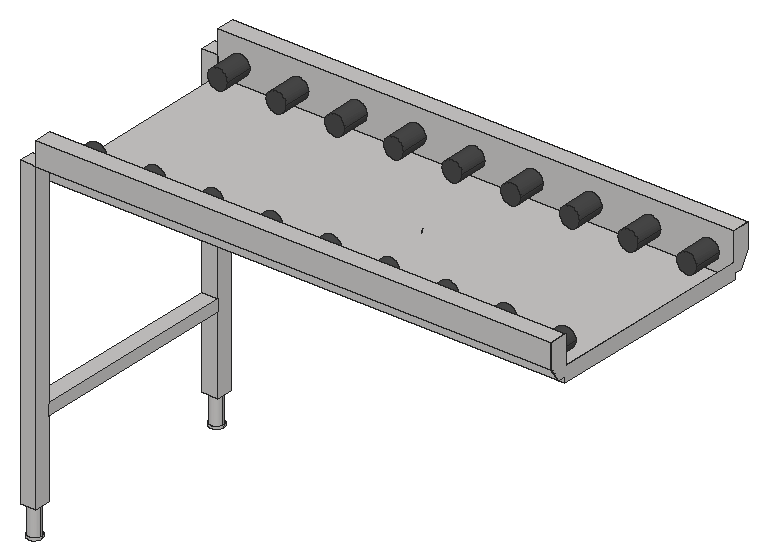
Revit family "QF_ELECTROLUXPROFESSIONAL_863001_HSSRC13", category Specialty Equipment, Revit 2018
Family settings
  Round Connector Dimension = Use Diameter
  Part Type = Normal
  Work Plane-Based = No
  Always vertical = Yes
  Cut with Voids When Loaded = No
  Shared = No
  Room Calculation Point = No
Parameters
  Weight = 0.00 kg
  Watts = 0 W
  Volts = 0 V
  URL Manufacturer = "http://professional.electrolux.com/"
  URL = "http://professional.electrolux.com/"
  Steam Supply Size = 0 mm
  Steam Supply Minimum Pressure = 0.0 Pa
  Steam Supply Maximum Pressure = 0.0 Pa
  Steam Pounds per Hour = 0
  Refrigeration Suction Line Size = 0 mm
  Refrigeration Liquid Line Size = 0 mm
  Refrigerant Compressor Remote = yes
  Manufacturer = "Electrolux"
  Phase = 0
  Model = "HSSRC13"
  Length Actual = 1300 mm  # constant formula
  Item Number = "863001"
  Hot Water Size = 0 mm
  Height Actual = 910 mm  # constant formula
  HP = "0 HP"
  Gas Size = 0 mm
  Gas KW = 0
  Gas Input Pressure = 0 W
  Description = "CONVEYOR, SHORT ROLLERS, L=1300 MM"
  Depth Actual = 620 mm  # constant formula
  Cycle = 0 Hz
  Condensate Return Size = 0 mm
  Compressed Air Volume = 0.0 L/s
  Compressed Air Size = 0 mm
  Compressed Air Pressure = 0.0 Pa
  Cold Water Size = 0 mm
  Accessory = yes
Reference planes
  plane 1 "Centro (Fronte/Retro)": y = 74.737
  plane 2: z = 0
  plane 3 "LEFT": x = -1038.761
  plane 4 "BACK": y = 384.737
  plane 5 "FRONT": y = -235.263
  plane 6: z = 910
  plane 7 "RIGHT": x = 261.239
  plane 8: x = -358.761
Forms (mm)
  Extrusion 1, solid, material "QF_Finishes_Stainless Steel"
    sketch origin (0, 74.737, 0) x (1, 0, 0) y (0, 0, 1)
      loop
        line (-1079.929, 300) -> (-1079.929, 270) -> (-1039.929, 270) -> (-1039.929, 300) -> (-1079.929, 300)
    from -266.504 to 266.46
  Extrusion 2, solid, material "QF_Finishes_Stainless Steel"
    sketch origin (11.239, 0, 0) x (0, 1, 0) y (0, 0, 1)
      loop
        line (-235.263, 910) -> (-235.263, 850.033) -> (-190.242, 850.033) -> (-190.242, 910) -> (-235.263, 910)
      loop
        line (384.737, 910) -> (339.716, 910) -> (339.716, 850.033) -> (384.737, 850.033) -> (384.737, 910)
    from -1050 to 248.8
  Extrusion 3, solid, material "QF_Finishes_Stainless Steel"
    sketch origin (11.239, 0, 0) x (0, 1, 0) y (0, 0, 1)
      loop
        line (-191.727, 850.033) -> (-191.727, 800.081) -> (341.245, 800.081) -> (341.245, 850.033) -> (339.716, 850.033) -> (339.716, 803.081) -> (-190.242, 803.081) -> (-190.242, 850.033) -> (-191.727, 850.033)
    from -1050 to 248.8
  Extrusion 4, solid, material "QF_Finishes_Black"
    sketch origin (0, 74.737, 0) x (1, 0, 0) y (0, 0, 1)
      loop
        circle (-980.637, 850.115) r 25
      loop
        circle (-832.818, 850.115) r 25
      loop
        circle (-684.999, 850.115) r 25
      loop
        circle (-537.18, 850.115) r 25
      loop
        circle (-389.361, 850.115) r 25
      loop
        circle (-241.542, 850.115) r 25
      loop
        circle (-93.723, 850.115) r 25
      loop
        circle (201.915, 850.115) r 25
      loop
        circle (54.096, 850.115) r 25
    from 190.58 to 260.534
  Extrusion 5, solid, material "QF_Finishes_Stainless Steel"
    sketch origin (1761.239, 723.253, 4000) x (0, 1, 0) y (0, 0, 1)
      loop
        line (-958.516, -3090) -> (-958.516, -3149.967) -> (-934.752, -3185.632) -> (-915.4, -3185.632) -> (-915.4, -3199.919) -> (-381.633, -3199.919) -> (-381.633, -3185.632) -> (-362.281, -3185.632) -> (-338.516, -3149.967) -> (-338.516, -3090) -> (-383.538, -3090) -> (-383.538, -3161.926) -> (-913.495, -3161.926) -> (-913.495, -3090) -> (-958.516, -3090)
    from -1500 to -1501.2
  Revolve 6, solid, material "QF_Finishes_Stainless Steel"
    sketch origin (-391.185, 0, 0) x (0, 1, 0) y (0, 0, 1)
      loop
        line (74.737, 800.081) -> (12.53, 800.081) -> (12.319, 797.4) -> (12.319, 785.476) -> (17.293, 785.476) -> (17.293, 781.772)
        arc (17.293, 781.772) -> (20.266, 773.808) -> (27.77, 769.813) r 11.998
        line (27.77, 769.813) -> (74.737, 764.085) -> (74.737, 800.081)
      axis (74.737, 764.085) -> (74.737, 800.081)
    angle from 0 to 360
  Revolve 7, solid, material "QF_Finishes_Stainless Steel"
    sketch origin (-361.185, -1524, 744.096) x (0, 0, 1) y (0, -1, 0)
      loop
        line (13.017, -1619.713) -> (30, -1619.713) -> (30, -1598.737) -> (0, -1598.737) -> (0, -1619.713) -> (2.434, -1622.253) -> (10.477, -1622.253) -> (13.017, -1619.713)
      axis (0, -1598.737) -> (30, -1598.737)
    angle from 0 to 360
  Extrusion 8, solid, material "QF_Finishes_Black"
    sketch origin (0, 74.737, 0) x (1, 0, 0) y (0, 0, -1)
      loop
        circle (-980.637, -850.115) r 25
      loop
        circle (-832.818, -850.115) r 25
      loop
        circle (-684.999, -850.115) r 25
      loop
        circle (-537.18, -850.115) r 25
      loop
        circle (-389.361, -850.115) r 25
      loop
        circle (-241.542, -850.115) r 25
      loop
        circle (-93.723, -850.115) r 25
      loop
        circle (201.915, -850.115) r 25
      loop
        circle (54.096, -850.115) r 25
    from 190.58 to 260.534
Cuts and joins
  joined: Extrusion 2, Extrusion 3
Lines and regions (mm)
  Split face 1
    outline origin (1355.739, 339.716, 803.081) x (-1, 0, 0) y (0, -1, 0)
      loop
        circle (1747, 264.904) r 3.016
  Split face 2
    outline origin (1355.739, 339.716, 803.081) x (-1, 0, 0) y (0, -1, 0)
      loop
        circle (1747, 264.904) r 52.991
  Split face 3
    outline origin (1355.739, 339.716, 803.081) x (-1, 0, 0) y (0, -1, 0)
      loop
        circle (1747, 264.904) r 36.015
  Split face 4
    outline origin (1355.739, 339.716, 803.081) x (-1, 0, 0) y (0, -1, 0)
      loop
        circle (1747, 264.904) r 26.027
  Split face 5
    outline origin (1355.739, 339.716, 803.081) x (-1, 0, 0) y (0, -1, 0)
      loop
        circle (1747, 264.904) r 9.056
  Masking region 1
    outline origin (0, 0, 0) x (1, 0, 0) y (0, 1, 0)
      loop
        line (-1038.761, 384.737) -> (-1038.761, -235.263) -> (261.239, -235.263) -> (261.239, 384.737) -> (-1038.761, 384.737)
  symbolic lines
    curve 1: line (261.239, 384.737, 0) -> (-1038.761, 384.737, 0)
    curve 2: line (-1038.761, 384.737, 0) -> (-1038.761, -235.263, 0)
    curve 3: line (-1038.761, 339.716, 0) -> (261.239, 339.716, 0)
    curve 4: line (-1038.761, -235.263, 0) -> (261.239, -235.263, 0)
    curve 5: line (261.239, -235.263, 0) -> (261.239, 384.737, 0)
    curve 6: line (261.239, -190.242, 0) -> (-1038.761, -190.242, 0)
    curve 7: line (-955.637, -115.842, 0) -> (-1005.637, -115.842, 0)
    curve 8: line (-1005.637, -115.842, 0) -> (-1005.637, -185.797, 0)
    curve 9: line (-1005.637, -185.797, 0) -> (-955.637, -185.797, 0)
    curve 10: line (-955.637, -185.797, 0) -> (-955.637, -115.842, 0)
    curve 11: line (261.239, 74.737, 0) -> (231.239, 74.737, 0)
    curve 12: line (-1038.761, 74.737, 0) -> (-1008.761, 74.737, 0)
    curve 13: line (226.915, -115.842, 0) -> (176.915, -115.842, 0)
    curve 14: line (176.915, -115.842, 0) -> (176.915, -185.797, 0)
    curve 15: line (176.915, -185.797, 0) -> (226.915, -185.797, 0)
    curve 16: line (226.915, -185.797, 0) -> (226.915, -115.842, 0)
    curve 17: arc (-391.185, 12.319, 0) -> (-453.604, 74.737, 0) -> (-391.185, 137.156, 0) r 62.418
    curve 18: arc (-391.185, 137.156, 0) -> (-328.767, 74.737, 0) -> (-391.185, 12.319, 0) r 62.418
    curve 19: arc (-361.185, 95.713, 0) -> (-382.162, 74.737, 0) -> (-361.185, 53.761, 0) r 20.976
    curve 20: arc (-361.185, 53.761, 0) -> (-340.209, 74.737, 0) -> (-361.185, 95.713, 0) r 20.976
    curve 21: line (-857.818, -115.842, 0) -> (-807.818, -115.842, 0)
    curve 22: line (-807.818, -115.842, 0) -> (-807.818, -185.797, 0)
    curve 23: line (-807.818, -185.797, 0) -> (-857.818, -185.797, 0)
    curve 24: line (-857.818, -185.797, 0) -> (-857.818, -115.842, 0)
    curve 25: line (-659.999, -115.842, 0) -> (-709.999, -115.842, 0)
    curve 26: line (-709.999, -115.842, 0) -> (-709.999, -185.797, 0)
    curve 27: line (-709.999, -185.797, 0) -> (-659.999, -185.797, 0)
    curve 28: line (-659.999, -185.797, 0) -> (-659.999, -115.842, 0)
    curve 29: line (-512.18, -115.842, 0) -> (-562.18, -115.842, 0)
    curve 30: line (-562.18, -115.842, 0) -> (-562.18, -185.797, 0)
    curve 31: line (-562.18, -185.797, 0) -> (-512.18, -185.797, 0)
    curve 32: line (-512.18, -185.797, 0) -> (-512.18, -115.842, 0)
    curve 33: line (-364.361, -115.842, 0) -> (-414.361, -115.842, 0)
    curve 34: line (-414.361, -115.842, 0) -> (-414.361, -185.797, 0)
    curve 35: line (-414.361, -185.797, 0) -> (-364.361, -185.797, 0)
    curve 36: line (-364.361, -185.797, 0) -> (-364.361, -115.842, 0)
    curve 37: line (-216.542, -115.842, 0) -> (-266.542, -115.842, 0)
    curve 38: line (-266.542, -115.842, 0) -> (-266.542, -185.797, 0)
    curve 39: line (-266.542, -185.797, 0) -> (-216.542, -185.797, 0)
    curve 40: line (-216.542, -185.797, 0) -> (-216.542, -115.842, 0)
    curve 41: line (-68.723, -115.842, 0) -> (-118.723, -115.842, 0)
    curve 42: line (-118.723, -115.842, 0) -> (-118.723, -185.797, 0)
    curve 43: line (-118.723, -185.797, 0) -> (-68.723, -185.797, 0)
    curve 44: line (-68.723, -185.797, 0) -> (-68.723, -115.842, 0)
    curve 45: line (79.096, -115.842, 0) -> (29.096, -115.842, 0)
    curve 46: line (29.096, -115.842, 0) -> (29.096, -185.797, 0)
    curve 47: line (29.096, -185.797, 0) -> (79.096, -185.797, 0)
    curve 48: line (79.096, -185.797, 0) -> (79.096, -115.842, 0)
    curve 49: line (-955.637, 265.317, 0) -> (-1005.637, 265.317, 0)
    curve 50: line (-1005.637, 265.317, 0) -> (-1005.637, 335.271, 0)
    curve 51: line (-1005.637, 335.271, 0) -> (-955.637, 335.271, 0)
    curve 52: line (-955.637, 335.271, 0) -> (-955.637, 265.317, 0)
    curve 53: line (226.915, 265.317, 0) -> (176.915, 265.317, 0)
    curve 54: line (176.915, 265.317, 0) -> (176.915, 335.271, 0)
    curve 55: line (176.915, 335.271, 0) -> (226.915, 335.271, 0)
    curve 56: line (226.915, 335.271, 0) -> (226.915, 265.317, 0)
    curve 57: line (-857.818, 265.317, 0) -> (-807.818, 265.317, 0)
    curve 58: line (-807.818, 265.317, 0) -> (-807.818, 335.271, 0)
    curve 59: line (-807.818, 335.271, 0) -> (-857.818, 335.271, 0)
    curve 60: line (-857.818, 335.271, 0) -> (-857.818, 265.317, 0)
    curve 61: line (-659.999, 265.317, 0) -> (-709.999, 265.317, 0)
    curve 62: line (-709.999, 265.317, 0) -> (-709.999, 335.271, 0)
    curve 63: line (-709.999, 335.271, 0) -> (-659.999, 335.271, 0)
    curve 64: line (-659.999, 335.271, 0) -> (-659.999, 265.317, 0)
    curve 65: line (-512.18, 265.317, 0) -> (-562.18, 265.317, 0)
    curve 66: line (-562.18, 265.317, 0) -> (-562.18, 335.271, 0)
    curve 67: line (-562.18, 335.271, 0) -> (-512.18, 335.271, 0)
    curve 68: line (-512.18, 335.271, 0) -> (-512.18, 265.317, 0)
    curve 69: line (-364.361, 265.317, 0) -> (-414.361, 265.317, 0)
    curve 70: line (-414.361, 265.317, 0) -> (-414.361, 335.271, 0)
    curve 71: line (-414.361, 335.271, 0) -> (-364.361, 335.271, 0)
    curve 72: line (-364.361, 335.271, 0) -> (-364.361, 265.317, 0)
    curve 73: line (-216.542, 265.317, 0) -> (-266.542, 265.317, 0)
    curve 74: line (-266.542, 265.317, 0) -> (-266.542, 335.271, 0)
    curve 75: line (-266.542, 335.271, 0) -> (-216.542, 335.271, 0)
    curve 76: line (-216.542, 335.271, 0) -> (-216.542, 265.317, 0)
    curve 77: line (-68.723, 265.317, 0) -> (-118.723, 265.317, 0)
    curve 78: line (-118.723, 265.317, 0) -> (-118.723, 335.271, 0)
    curve 79: line (-118.723, 335.271, 0) -> (-68.723, 335.271, 0)
    curve 80: line (-68.723, 335.271, 0) -> (-68.723, 265.317, 0)
    curve 81: line (79.096, 265.317, 0) -> (29.096, 265.317, 0)
    curve 82: line (29.096, 265.317, 0) -> (29.096, 335.271, 0)
    curve 83: line (29.096, 335.271, 0) -> (79.096, 335.271, 0)
    curve 84: line (79.096, 335.271, 0) -> (79.096, 265.317, 0)
Dimensions and locks
  plane 3 "LEFT" to plane 7 "RIGHT" = 1300 mm
  equal spacing: plane 4 "BACK", plane 1 "Centro (Fronte/Retro)", plane 5 "FRONT"
  plane 4 "BACK" to plane 5 "FRONT" = 620 mm
  locked: Extrusion 4 sketch curve to plane 3 "LEFT" at 58.124
  locked: plane 7 "RIGHT" to Extrusion 4 sketch curve at 59.324
  equal spacing: Extrusion 4 sketch curve, Extrusion 4 sketch curve, Extrusion 4 sketch curve, Extrusion 4 sketch curve, Extrusion 4 sketch curve, Extrusion 4 sketch curve, Extrusion 4 sketch curve, Extrusion 4 sketch curve, Extrusion 4 sketch curve
  equal spacing: Extrusion 8 sketch curve, Extrusion 8 sketch curve, Extrusion 8 sketch curve, Extrusion 8 sketch curve, Extrusion 8 sketch curve, Extrusion 8 sketch curve, Extrusion 8 sketch curve, Extrusion 8 sketch curve, Extrusion 8 sketch curve
  aligned and locked: level to plane 2
  aligned and locked: Extrusion 2 to Extrusion 3
  aligned and locked: Extrusion 2 to Extrusion 5
Automatic sketch dimensions
  curve 17 to curve 18 = 0 mm  (x2)
  curve 19 to curve 20 = 0 mm  (x2)
  curve 6 to plane 3 "LEFT" = 0 mm
  plane 1 "Centro (Fronte/Retro)" to curve 12 = 0 mm
  plane 1 "Centro (Fronte/Retro)" to curve 17 = 0 mm
  plane 1 "Centro (Fronte/Retro)" to curve 19 = 0 mm
  plane 1 "Centro (Fronte/Retro)" to curve 11 = 0 mm
  curve 6 to plane 7 "RIGHT" = 0 mm
  curve 4 to plane 5 "FRONT" = 0 mm
  curve 2 to plane 4 "BACK" = 0 mm
  plane 3 "LEFT" to curve 50 = 33.124 mm
  plane 3 "LEFT" to curve 9 = 33.124 mm
  curve 8 to curve 9 = 50 mm
  curve 50 to curve 52 = 50 mm
  curve 49 to curve 57 = 97.819 mm
  curve 9 to curve 23 = 97.819 mm
  curve 59 to curve 58 = 50 mm
  curve 23 to curve 23 = 50 mm
  curve 22 to curve 27 = 97.819 mm
  curve 58 to curve 63 = 97.819 mm
  curve 62 to curve 63 = 50 mm
  curve 25 to curve 28 = 50 mm
  curve 61 to curve 65 = 97.819 mm
  curve 27 to curve 31 = 97.819 mm
  curve 30 to curve 31 = 50 mm
  curve 66 to curve 68 = 50 mm
  curve 71 to plane 8 = 55.6 mm
  curve 34 to plane 8 = 55.6 mm
  curve 17 to plane 8 = 32.424 mm
  curve 33 to plane 8 = 5.6 mm
  curve 72 to plane 8 = 5.6 mm
  curve 19 to plane 8 = 2.424 mm
  plane 8 to curve 73 = 92.219 mm
  plane 8 to curve 37 = 92.219 mm
  curve 73 to curve 76 = 50 mm
  curve 37 to curve 37 = 50 mm
  curve 75 to curve 78 = 97.819 mm
  curve 39 to curve 43 = 97.819 mm
  curve 41 to curve 41 = 50 mm
  curve 78 to curve 79 = 50 mm
  curve 77 to curve 81 = 97.819 mm
  curve 43 to curve 47 = 97.819 mm
  curve 81 to curve 81 = 50 mm
  curve 46 to curve 48 = 50 mm
  curve 14 to plane 7 "RIGHT" = 84.324 mm
  curve 55 to plane 7 "RIGHT" = 84.324 mm
  curve 16 to plane 7 "RIGHT" = 34.324 mm
  curve 55 to plane 7 "RIGHT" = 34.324 mm
  plane 5 "FRONT" to curve 47 = 49.466 mm
  plane 5 "FRONT" to curve 35 = 49.466 mm
  plane 5 "FRONT" to curve 24 = 49.466 mm
  plane 5 "FRONT" to curve 32 = 49.466 mm
  plane 5 "FRONT" to curve 8 = 49.466 mm
  plane 5 "FRONT" to curve 28 = 49.466 mm
  plane 5 "FRONT" to curve 44 = 49.466 mm
  plane 5 "FRONT" to curve 14 = 49.466 mm
  plane 5 "FRONT" to curve 40 = 49.466 mm
  curve 38 to curve 38 = 69.954 mm
  curve 23 to curve 21 = 69.954 mm
  curve 43 to curve 41 = 69.954 mm
  curve 15 to curve 16 = 69.954 mm
  curve 27 to curve 25 = 69.954 mm
  curve 31 to curve 29 = 69.954 mm
  curve 47 to curve 45 = 69.954 mm
  curve 9 to curve 10 = 69.954 mm
  curve 35 to curve 33 = 69.954 mm
  curve 84 to plane 4 "BACK" = 119.42 mm
  curve 80 to curve 81 = 0 mm
  curve 49 to plane 4 "BACK" = 119.42 mm
  curve 76 to curve 77 = 0 mm
  curve 53 to plane 4 "BACK" = 119.42 mm
  curve 72 to curve 73 = 0 mm
  curve 49 to curve 57 = 0 mm
  curve 68 to curve 69 = 0 mm
  curve 61 to curve 65 = 0 mm
  curve 64 to plane 4 "BACK" = 49.466 mm
  curve 60 to plane 4 "BACK" = 49.466 mm
  curve 66 to plane 4 "BACK" = 49.466 mm
  curve 56 to plane 4 "BACK" = 49.466 mm
  curve 70 to plane 4 "BACK" = 49.466 mm
  curve 52 to plane 4 "BACK" = 49.466 mm
  curve 74 to plane 4 "BACK" = 49.466 mm
  curve 84 to plane 4 "BACK" = 49.466 mm
  curve 78 to plane 4 "BACK" = 49.466 mm
  plane 3 "LEFT" to curve 12 = 30 mm
  curve 11 to plane 7 "RIGHT" = 30 mm
  curve 6 to curve 15 = 4.445 mm
  curve 17 to curve 17 = 62.418 mm
  curve 19 to curve 19 = 20.976 mm
  curve 50 to curve 3 = 4.445 mm
  Extrusion 1 sketch curve to plane 3 "LEFT" = 41.168 mm
  Extrusion 1 sketch curve to plane 3 "LEFT" = 1.168 mm
  level to Extrusion 1 sketch curve = 270 mm
  Extrusion 1 sketch curve to Extrusion 1 sketch curve = 30 mm
  Extrusion 2 sketch curve to plane 5 "FRONT" = 0 mm
  Extrusion 2 sketch curve to plane 6 = 0 mm  (x2)
  Extrusion 2 sketch curve to plane 4 "BACK" = 0 mm
  plane 5 "FRONT" to Extrusion 2 sketch curve = 45.021 mm
  Extrusion 2 sketch curve to plane 4 "BACK" = 45.021 mm
  Extrusion 2 sketch curve to Extrusion 2 sketch curve = 59.967 mm  (x2)
  plane 5 "FRONT" to Extrusion 3 sketch curve = 43.536 mm
  Extrusion 3 sketch curve to Extrusion 3 sketch curve = 1.486 mm
  Extrusion 3 sketch curve to plane 4 "BACK" = 45.021 mm
  Extrusion 3 sketch curve to Extrusion 3 sketch curve = 1.529 mm
  Extrusion 3 sketch curve to plane 6 = 109.919 mm
  Extrusion 3 sketch curve to Extrusion 3 sketch curve = 3 mm
  Extrusion 3 sketch curve to Extrusion 3 sketch curve = 46.952 mm  (x2)
  Extrusion 4 sketch curve to plane 6 = 59.885 mm  (x9)
  cut or joined group of Extrusion 2, Extrusion 3 to Split face 1 sketch curve = 264.904 mm
  Split face 1 sketch curve to cut or joined group of Extrusion 2, Extrusion 3 = 647.5 mm
  cut or joined group of Extrusion 2, Extrusion 3 to Split face 2 sketch curve = 264.904 mm
  Split face 2 sketch curve to cut or joined group of Extrusion 2, Extrusion 3 = 647.5 mm
  cut or joined group of Extrusion 2, Extrusion 3 to Split face 3 sketch curve = 264.904 mm
  Split face 3 sketch curve to cut or joined group of Extrusion 2, Extrusion 3 = 647.5 mm
  cut or joined group of Extrusion 2, Extrusion 3 to Split face 4 sketch curve = 264.904 mm
  Split face 4 sketch curve to cut or joined group of Extrusion 2, Extrusion 3 = 647.5 mm
  cut or joined group of Extrusion 2, Extrusion 3 to Split face 5 sketch curve = 264.904 mm
  Split face 5 sketch curve to cut or joined group of Extrusion 2, Extrusion 3 = 647.5 mm
  Masking region 1 sketch curve to plane 3 "LEFT" = 0 mm
  Masking region 1 sketch curve to plane 5 "FRONT" = 0 mm
  Masking region 1 sketch curve to plane 7 "RIGHT" = 0 mm
  Masking region 1 sketch curve to plane 4 "BACK" = 0 mm
  Extrusion 5 sketch curve to plane 5 "FRONT" = 0 mm
  Extrusion 5 sketch curve to plane 6 = 0 mm  (x2)
  Extrusion 5 sketch curve to plane 4 "BACK" = 0 mm
  plane 5 "FRONT" to Extrusion 5 sketch curve = 23.764 mm
  Extrusion 5 sketch curve to Extrusion 5 sketch curve = 19.352 mm  (x2)
  plane 5 "FRONT" to Extrusion 5 sketch curve = 45.021 mm
  Extrusion 5 sketch curve to plane 4 "BACK" = 45.021 mm
  Extrusion 5 sketch curve to Extrusion 5 sketch curve = 1.905 mm
  Extrusion 5 sketch curve to Extrusion 5 sketch curve = 59.967 mm  (x2)
  Extrusion 5 sketch curve to Extrusion 5 sketch curve = 11.959 mm
  Extrusion 5 sketch curve to Extrusion 5 sketch curve = 23.706 mm  (x2)
  Extrusion 5 sketch curve to Extrusion 5 sketch curve = 14.287 mm
  Revolve 6 sketch curve to plane 1 "Centro (Fronte/Retro)" = 0 mm  (x2)
  plane 1 "Centro (Fronte/Retro)" to Revolve 6 sketch curve = 45.447 mm
  Revolve 6 sketch curve to Revolve 6 sketch curve = 1.52 mm
  Revolve 6 sketch curve to Revolve 6 sketch curve = 11.998 mm
  Revolve 6 sketch curve to Revolve 6 sketch curve = 4.762 mm
  Revolve 6 sketch curve to Revolve 6 sketch curve = 4.974 mm
  Revolve 6 sketch curve to plane 6 = 145.915 mm
  Revolve 6 sketch curve to Revolve 6 sketch curve = 5.727 mm
  Revolve 6 sketch curve to Revolve 6 sketch curve = 11.901 mm
  Revolve 6 sketch curve to Revolve 6 sketch curve = 3.704 mm
  Revolve 6 sketch curve to Revolve 6 sketch curve = 11.924 mm
  Revolve 6 sketch curve to Revolve 6 sketch curve = 2.681 mm
  Revolve 6 sketch curve to Revolve 6 sketch curve = 3 mm
  Revolve 6 sketch curve to Revolve 6 sketch curve = 14.991 mm
  Revolve 7 sketch curve to plane 1 "Centro (Fronte/Retro)" = 0 mm  (x2)
  Revolve 7 sketch curve to plane 1 "Centro (Fronte/Retro)" = 20.976 mm
  Revolve 7 sketch curve to plane 6 = 165.904 mm
  Revolve 7 sketch curve to plane 1 "Centro (Fronte/Retro)" = 23.516 mm
  Revolve 7 sketch curve to Revolve 7 sketch curve = 2.434 mm
  Revolve 7 sketch curve to Revolve 7 sketch curve = 8.043 mm
  Revolve 7 sketch curve to Revolve 7 sketch curve = 2.54 mm  (x2)
  Revolve 7 sketch curve to Revolve 7 sketch curve = 16.983 mm
  Revolve 7 sketch curve to Revolve 7 sketch curve = 3.127 mm
  Revolve 7 sketch curve to Revolve 7 sketch curve = 7.343 mm
  plane 3 "LEFT" to Extrusion 8 sketch curve = 58.124 mm
  Extrusion 8 sketch curve to plane 6 = 59.885 mm  (x9)
  Extrusion 8 sketch curve to Extrusion 8 sketch curve = 147.819 mm
  radius of Extrusion 4 sketch curve = 25 mm  (x9)
  radius of Split face 1 sketch curve = 3.016 mm
  radius of Split face 2 sketch curve = 52.991 mm
  radius of Split face 3 sketch curve = 36.015 mm
  radius of Split face 4 sketch curve = 26.027 mm
  radius of Split face 5 sketch curve = 9.056 mm
  radius of Extrusion 8 sketch curve = 25 mm  (x9)
Nested families
  nested 1: "Foot_40x40" at (-1059.929, -211.771, 0), type "Foot_40x40"
    with A 850.033 mm
  nested 2: "Foot_40x40" at (-1059.929, 361.245, 0), type "Foot_40x40"
    with A 850.033 mm
Connectors
  piping at (-361.185, 74.737, 744.096), diameter 30
    settings: on Revolve 7, index 4, connector inside diameter 609.6 mm, connector length 0 mm, flow factor 0, pipe flow 0.0 L/s, pressure drop 0.0 Pa, fitting loss kfactor 0, connector angle 0.00°, fixture units 0, engagement length 0 mm, angle of deflection 0.00°, flow configuration 1, flow direction 2, fitting loss method 0, system type 16, joint type 0, gender type 0, connector reference index -1, connector utility 0, adjustable connector no, is connector primary yes, connector description ""
Definition of nested family "Foot_40x40"
  Parameters
    A [instance] = 850 mm
  Reference planes
    plane 1 "Centro (Fronte/Retro)": y = 0
    plane 2: z = 0
    plane 3 "Centro (Sinistra/Destra)": x = 0
    plane 4: z = 850
  Forms (mm)
    Extrusion 1, solid
      sketch origin (0, 0, 0) x (1, 0, 0) y (0, 1, 0)
        loop
          circle (0, 0) r 18
      from 0 to 5
    Extrusion 2, solid
      sketch origin (0, 0, 5) x (1, 0, 0) y (0, 1, 0)
        loop
          circle (0, 0) r 15
      from 0 to 70
    Extrusion 3, solid
      sketch origin (0, 0, 75) x (1, 0, 0) y (0, 1, 0)
        loop
          line (-20, 20) -> (-20, -20) -> (20, -20) -> (20, 20) -> (-20, 20)
      from 0 to 775
  Dimensions and locks
    "A": plane 4 to plane 2
    aligned and locked: level to plane 2
    aligned and locked: plane 4 to Extrusion 3
    aligned and locked: Extrusion 1 to level
  Automatic sketch dimensions
    plane 1 "Centro (Fronte/Retro)" to Extrusion 1 sketch curve = 0 mm
    Extrusion 1 sketch curve to plane 3 "Centro (Sinistra/Destra)" = 0 mm
    Extrusion 3 sketch curve to Extrusion 3 sketch curve = 40 mm  (x2)
    radius of Extrusion 1 sketch curve = 18 mm
    radius of Extrusion 2 sketch curve to Extrusion 1 = 3 mm
